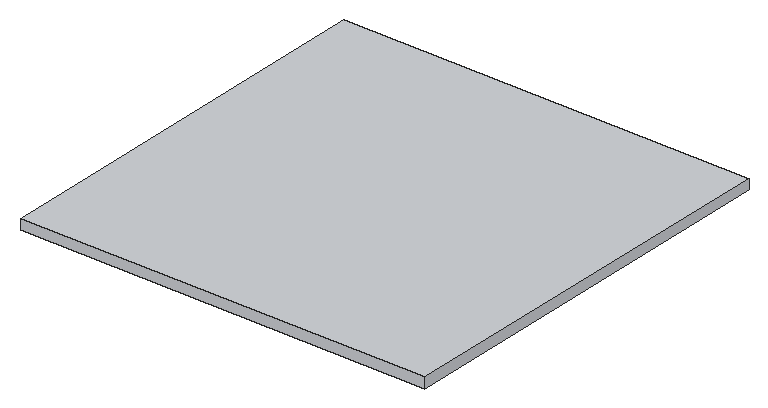
Revit family "8647500", category Aparatos sanitarios, Revit 2017
Family settings
  Anfitrión = Cara
  Cota de conector redondo = Diámetro de uso
  Tipo de pieza = Normal
  Número OmniClass = 23.45.55.14
  Título OmniClass = Single Faucets
  Corte con vacíos al cargar = No
  Compartido = No
  Punto de cálculo de habitación = No
Parameters (values of type "8647500")
  URL = "http://www.griferiasgalindo.com/grifo-de-bidet-con-ducha-theo-cuadrado?c=es"
  Teléfono = "(+34) 915 782 575"
  TIPO DE AGUA = "Fria/Caliente"
  REFERENCIA = "8647500"
  Presión Máxima = "8 bar"
  PESO BRUTO = "2.6 Kg"
  Modelo = "GRIFO DE BIDET CON DUCHA"
  Material = LATON CROMADO
  Imagen de tipo = <Ninguno>
  Fabricante = "PRESTO IBÉRICA"
  Default Elevation = 1219.2 mm
  ENTRADA = "Macho 1/2\""
  Descripción = "Grupo ducha bidet"
  Código de montaje = "C1030220"
  Contacto = "info@prestoiberica.com"
  Conexión AF = yes
  Conexión AC = yes
  Comentarios de tipo = "Cartucho sellado mezclador con discos cerámicos de Ø 35 mm."
  CIERRE = "Manual"
  CAUDAL = "20 l/min"
  Accionamiento = "Mediante maneta"
Reference planes
  plane 1 "Centro (Frontal/Posterior)": y = 0
  plane 2: z = 0
  plane 3 "Centro (Izquierda/Derecha)": x = 0
Forms (mm)
  Extrusion 1, solid
    sketch origin (0, 0, 0) x (1, 0, 0) y (0, 1, 0)
      loop
        line (-100, 100) -> (-100, -100) -> (100, -100) -> (100, 100) -> (-100, 100)
    from 0 to -5
Dimensions and locks
  Extrusion 1 sketch curve to plane 1 "Centro (Frontal/Posterior)" = 100 mm
  aligned and locked: plane 2 to Extrusion 1
  aligned and locked: level to Extrusion 1
Connectors
  piping at (-74, 0, 0), diameter 12.7
    settings: on import instance, index 1, connector inside diameter 609.6 mm, connector length 0 mm, flow factor 0, pipe flow 0.0 L/s, pressure drop 0.0 Pa, fitting loss kfactor 0, connector angle 0.00°, fixture units 0, engagement length 0 mm, angle of deflection 0.00°, flow configuration 0, flow direction 1, fitting loss method 0, system type 7, joint type 0, gender type 0, connector reference index -1, connector utility 0, adjustable connector no, is connector primary yes, connector description ""
